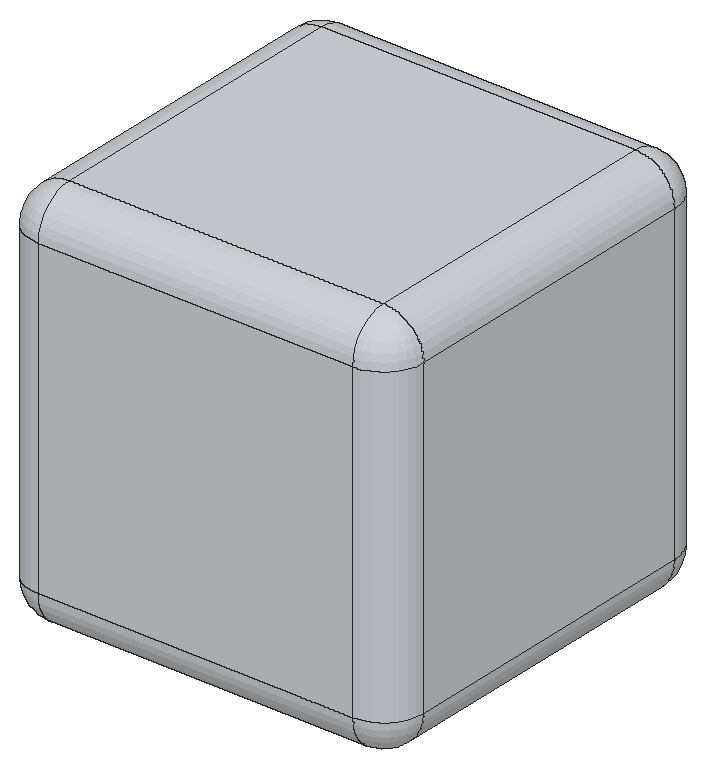
Revit family "mattress", category Generic Models, Revit 2022
Family settings
  Can host rebar = No
  Round Connector Dimension = Use Diameter
  Part Type = Normal
  Work Plane-Based = No
  Always vertical = Yes
  Cut with Voids When Loaded = No
  Maintain Annotation Orientation = No
  Shared = No
  Room Calculation Point = No
Parameters
  material = none
  Width [instance] = 2000 mm
  Length [instance] = 2000 mm
  Height [instance] = 2000 mm
  Default Elevation = 0 mm
  Bevel [instance] = 200 mm
Reference planes
  plane 1 "Center (Front/Back)": y = 0
  plane 2: z = 0
  plane 3 "Center (Left/Right)": x = 0
  plane 4: y = 1000
  plane 5: y = -1000
  plane 6: x = -1000
  plane 7: x = 1000
  plane 8: x = -800
  plane 9: x = 800
  plane 10: y = 800
  plane 11: y = -800
  plane 12: z = 200
  plane 13: z = 1000
  plane 14: z = 1800
  plane 15: z = 2000
Forms (mm)
  Extrusion 1, solid, material <- "material"
    sketch origin (0, 0, 0) x (1, 0, 0) y (0, 1, 0)
      loop
        arc (-800, 1000) -> (-941.421, 941.421) -> (-1000, 800) r 200
        line (-1000, 800) -> (-1000, -800)
        arc (-1000, -800) -> (-941.421, -941.421) -> (-800, -1000) r 200
        line (-800, -1000) -> (800, -1000)
        arc (800, -1000) -> (941.421, -941.421) -> (1000, -800) r 200
        line (1000, -800) -> (1000, 800)
        arc (1000, 800) -> (941.421, 941.421) -> (800, 1000) r 200
        line (800, 1000) -> (-800, 1000)
    from 200 to 1800
  Extrusion 2, solid, material <- "material"
    sketch origin (0, 0, 0) x (1, 0, 0) y (0, 1, 0)
      loop
        line (-800, 800) -> (-800, -800) -> (800, -800) -> (800, 800) -> (-800, 800)
    from 0 to 200
  Extrusion 3, solid, material <- "material"
    sketch origin (0, 0, 0) x (1, 0, 0) y (0, 1, 0)
      loop
        line (-800, 800) -> (-800, -800) -> (800, -800) -> (800, 800) -> (-800, 800)
    from 1800 to 2000
  Extrusion 4, solid, material <- "material"
    sketch origin (0, 0, 0) x (1, 0, 0) y (0, 0, 1)
      loop
        arc (-800, 2000) -> (-941.421, 1941.421) -> (-1000, 1800) r 200
        line (-1000, 1800) -> (-800, 1800) -> (-800, 2000)
      loop
        arc (-1000, 200) -> (-941.421, 58.579) -> (-800, 0) r 200
        line (-800, 0) -> (-800, 200) -> (-1000, 200)
      loop
        line (800, 2000) -> (800, 1800) -> (1000, 1800)
        arc (1000, 1800) -> (941.421, 1941.421) -> (800, 2000) r 200
      loop
        line (1000, 200) -> (800, 200) -> (800, 0)
        arc (800, 0) -> (941.421, 58.579) -> (1000, 200) r 200
    from -800 to 800
  Extrusion 5, solid, material <- "material"
    sketch origin (0, 0, 0) x (0, 1, 0) y (0, 0, 1)
      loop
        arc (1000, 1800) -> (941.421, 1941.421) -> (800, 2000) r 200
        line (800, 2000) -> (800, 1800) -> (1000, 1800)
      loop
        line (-800, 0) -> (-800, 200) -> (-1000, 200)
        arc (-1000, 200) -> (-941.421, 58.579) -> (-800, 0) r 200
      loop
        arc (800, 0) -> (941.421, 58.579) -> (1000, 200) r 200
        line (1000, 200) -> (800, 200) -> (800, 0)
      loop
        line (-1000, 1800) -> (-800, 1800) -> (-800, 2000)
        arc (-800, 2000) -> (-941.421, 1941.421) -> (-1000, 1800) r 200
    from -800 to 800
  Revolve 6, solid, material <- "material"
    sketch origin (-1450.421, -800, 1200) x (-1, 0, 0) y (0, 0, 1)
      loop
        arc (-2250.421, 800) -> (-2391.843, 741.421) -> (-2450.421, 600) r 200
        line (-2450.421, 600) -> (-2250.421, 600) -> (-2250.421, 800)
      axis (-2250.421, 800) -> (-2250.421, 600)
    angle from 0 to 360
  Revolve 7, solid, material <- "material"
    sketch origin (1450.421, -800, 1200) x (1, 0, 0) y (0, 0, -1)
      loop
        line (-2250.421, -800) -> (-2250.421, -600) -> (-2450.421, -600)
        arc (-2450.421, -600) -> (-2391.843, -741.421) -> (-2250.421, -800) r 200
      axis (-2250.421, -800) -> (-2250.421, -600)
    angle from 0 to 360
  Revolve 8, solid, material <- "material"
    sketch origin (-1450.421, -800, 810.852) x (-1, 0, 0) y (0, 0, 1)
      loop
        line (-2250.421, -810.852) -> (-2250.421, -610.852) -> (-2450.421, -610.852)
        arc (-2450.421, -610.852) -> (-2391.843, -752.274) -> (-2250.421, -810.852) r 200
      axis (-2250.421, -810.852) -> (-2250.421, -610.852)
    angle from 0 to 360
  Revolve 9, solid, material <- "material"
    sketch origin (1450.421, -800, 810.852) x (1, 0, 0) y (0, 0, -1)
      loop
        arc (-2250.421, 810.852) -> (-2391.843, 752.274) -> (-2450.421, 610.852) r 200
        line (-2450.421, 610.852) -> (-2250.421, 610.852) -> (-2250.421, 810.852)
      axis (-2250.421, 810.852) -> (-2250.421, 610.852)
    angle from 0 to 360
  Revolve 10, solid, material <- "material"
    sketch origin (-1450.421, 800, 1200) x (-1, 0, 0) y (0, 0, 1)
      loop
        arc (-2250.421, 800) -> (-2391.843, 741.421) -> (-2450.421, 600) r 200
        line (-2450.421, 600) -> (-2250.421, 600) -> (-2250.421, 800)
      axis (-2250.421, 800) -> (-2250.421, 600)
    angle from 0 to 360
  Revolve 11, solid, material <- "material"
    sketch origin (-1450.421, 800, 1200) x (-1, 0, 0) y (0, 0, 1)
      loop
        line (-650.421, 800) -> (-650.421, 600) -> (-450.421, 600)
        arc (-450.421, 600) -> (-509, 741.421) -> (-650.421, 800) r 200
      axis (-650.421, 800) -> (-650.421, 600)
    angle from 0 to 360
  Revolve 12, solid, material <- "material"
    sketch origin (-1450.421, 800, 1200) x (-1, 0, 0) y (0, 0, 1)
      loop
        line (-2250.421, -1200) -> (-2250.421, -1000) -> (-2450.421, -1000)
        arc (-2450.421, -1000) -> (-2391.843, -1141.421) -> (-2250.421, -1200) r 200
      axis (-2250.421, -1200) -> (-2250.421, -1000)
    angle from 0 to 360
  Revolve 13, solid, material <- "material"
    sketch origin (-1450.421, 800, 1200) x (-1, 0, 0) y (0, 0, 1)
      loop
        arc (-650.421, -1200) -> (-509, -1141.421) -> (-450.421, -1000) r 200
        line (-450.421, -1000) -> (-650.421, -1000) -> (-650.421, -1200)
      axis (-650.421, -1200) -> (-650.421, -1000)
    angle from 0 to 360
Cuts and joins
  joined: Extrusion 1, Extrusion 2, Extrusion 3, Extrusion 4, Extrusion 5, Revolve 6, Revolve 7, Revolve 8, Revolve 9, Revolve 10, Revolve 11, Revolve 12, Revolve 13
Dimensions and locks
  equal spacing: plane 4, plane 1 "Center (Front/Back)", plane 5
  "Width": plane 4 to plane 5
  equal spacing: plane 6, plane 3 "Center (Left/Right)", plane 7
  "Length": plane 6 to plane 7
  equal spacing: plane 15, plane 13, plane 2
  "Height": plane 15 to plane 2
  "Bevel": plane 12 to plane 2
  "Bevel": plane 15 to plane 14
  "Bevel": plane 6 to plane 8
  "Bevel": plane 9 to plane 7
  "Bevel": plane 11 to plane 5
  "Bevel": plane 4 to plane 10
  "Bevel": radius of Extrusion 1 sketch curve  (x4)
  "Bevel": radius of Extrusion 4 sketch curve  (x4)
  "Bevel": radius of Extrusion 5 sketch curve  (x4)
  "Bevel": radius of Revolve 6 sketch curve
  "Bevel": radius of Revolve 7 sketch curve
  "Bevel": radius of Revolve 8 sketch curve
  "Bevel": radius of Revolve 9 sketch curve
  "Bevel": radius of Revolve 10 sketch curve
  "Bevel": radius of Revolve 11 sketch curve
  "Bevel": radius of Revolve 12 sketch curve
  "Bevel": radius of Revolve 13 sketch curve
  aligned and locked: level to plane 2
  aligned and locked: Extrusion 1 sketch curve to plane 4
  aligned and locked: plane 6 to Extrusion 1 sketch curve
  aligned and locked: plane 5 to Extrusion 1 sketch curve
  aligned and locked: Extrusion 1 sketch curve to plane 7
  aligned and locked: plane 14 to Extrusion 1
  aligned and locked: Extrusion 1 to plane 12
  aligned and locked: Extrusion 2 sketch curve to plane 10
  aligned and locked: plane 8 to Extrusion 2 sketch curve
  aligned and locked: plane 11 to Extrusion 2 sketch curve
  aligned and locked: Extrusion 2 sketch curve to plane 9
  aligned and locked: Extrusion 2 to plane 2
  aligned and locked: plane 12 to Extrusion 2
  aligned and locked: Extrusion 3 sketch curve to plane 9
  aligned and locked: Extrusion 3 sketch curve to plane 10
  aligned and locked: plane 8 to Extrusion 3 sketch curve
  aligned and locked: plane 11 to Extrusion 3 sketch curve
  aligned and locked: Extrusion 3 to plane 14
  aligned and locked: plane 15 to Extrusion 3
  aligned and locked: Extrusion 4 sketch curve to plane 8
  aligned and locked: Extrusion 4 sketch curve to plane 14
  aligned and locked: Extrusion 4 sketch curve to plane 12
  aligned and locked: Extrusion 4 sketch curve to plane 9
  aligned and locked: plane 10 to Extrusion 4
  aligned and locked: Extrusion 4 to plane 11
  aligned and locked: plane 14 to Extrusion 5 sketch curve
  aligned and locked: plane 11 to Extrusion 5 sketch curve
  aligned and locked: plane 10 to Extrusion 5 sketch curve
  aligned and locked: plane 12 to Extrusion 5 sketch curve
  aligned and locked: Extrusion 5 to plane 8
  aligned and locked: plane 9 to Extrusion 5
  aligned and locked: Revolve 6 sketch curve to plane 9
  aligned and locked: Revolve 6 sketch curve to plane 14
  aligned and locked: Revolve 6 sketch curve to Revolve 6 sketch curve
  aligned and locked: Revolve 8 sketch curve to Revolve 8 sketch curve
  aligned and locked: Revolve 9 sketch curve to Revolve 9 sketch curve
  aligned and locked: Revolve 10 sketch curve to Revolve 10 sketch curve
  aligned and locked: Revolve 11 sketch curve to Revolve 11 sketch curve
  aligned and locked: Revolve 12 sketch curve to Revolve 12 sketch curve
  aligned and locked: Revolve 13 sketch curve to Revolve 13 sketch curve
  aligned and locked: Revolve 7 sketch curve to plane 8
  aligned and locked: Revolve 7 sketch curve to Revolve 7 sketch curve
  aligned and locked: plane 14 to Revolve 7 sketch curve
  aligned and locked: plane 8 to Revolve 9 sketch curve
  aligned and locked: plane 12 to Revolve 9 sketch curve
  aligned and locked: plane 9 to Revolve 8 sketch curve
  aligned and locked: Revolve 8 sketch curve to plane 12
  aligned and locked: Revolve 10 sketch curve to plane 9
  aligned and locked: Revolve 10 sketch curve to plane 14
  aligned and locked: plane 9 to Revolve 12 sketch curve
  aligned and locked: Revolve 12 sketch curve to plane 12
  aligned and locked: plane 8 to Revolve 13 sketch curve
  aligned and locked: plane 12 to Revolve 13 sketch curve
  aligned and locked: Revolve 11 sketch curve to plane 8
  aligned and locked: plane 14 to Revolve 11 sketch curve
Automatic sketch dimensions
  Extrusion 4 sketch curve to plane 6 = 0 mm
  Extrusion 4 sketch curve to level = 0 mm
  Extrusion 4 sketch curve to plane 9 = 0 mm
  Extrusion 4 sketch curve to plane 14 = 0 mm
  Extrusion 5 sketch curve to plane 5 = 0 mm
  Extrusion 5 sketch curve to plane 10 = 0 mm
  Extrusion 5 sketch curve to level = 0 mm
  Extrusion 5 sketch curve to plane 14 = 0 mm
  Revolve 6 sketch curve to plane 14 = 45.397 mm
  Revolve 6 sketch curve to Revolve 6 sketch curve = 40 mm
  Revolve 7 sketch curve to Revolve 7 sketch curve = 40 mm
  Revolve 7 sketch curve to plane 14 = 45.397 mm
  Revolve 8 sketch curve to level = 40 mm
  Revolve 8 sketch curve to Revolve 8 sketch curve = 45.397 mm
  Revolve 9 sketch curve to Revolve 9 sketch curve = 45.397 mm
  Revolve 9 sketch curve to level = 40 mm
  Revolve 10 sketch curve to plane 14 = 45.397 mm
  Revolve 10 sketch curve to Revolve 10 sketch curve = 40 mm
  Revolve 11 sketch curve to plane 14 = 45.397 mm
  Revolve 11 sketch curve to Revolve 11 sketch curve = 40 mm
  Revolve 12 sketch curve to level = 40 mm
  Revolve 12 sketch curve to Revolve 12 sketch curve = 45.397 mm
  Revolve 13 sketch curve to level = 40 mm
  Revolve 13 sketch curve to Revolve 13 sketch curve = 45.397 mm
